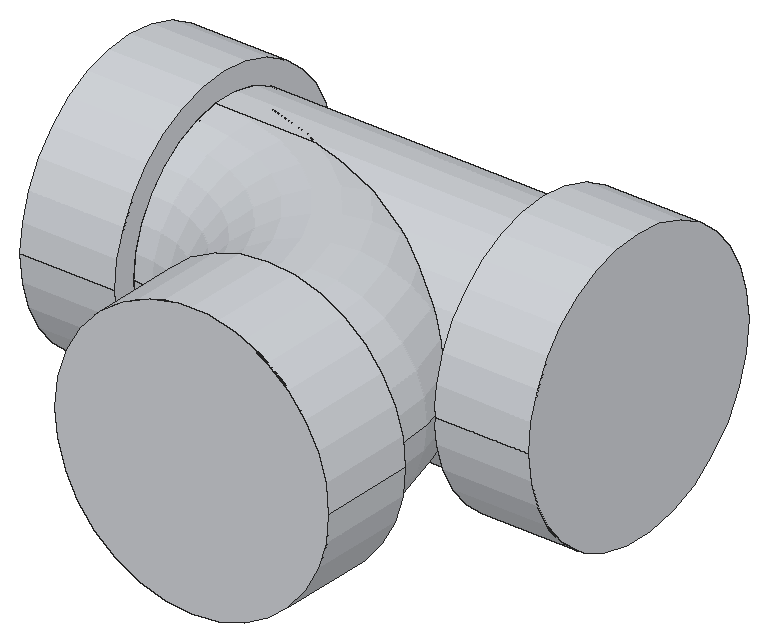
Revit family "M_T de esgoto - PVC - Sch 40 - DWV", category Conexões de tubo, Revit 2019
Family settings
  Cota do conector redondo = Usar raio
  Tipo de parte = Tê
  Número OmniClass = 23.60.30.11.14
  Título OmniClass = Pipework Fittings
  ID de item do Seek = Tee Sanitary - PVC - Sch 40 - DWV-0000-CAN-ENU
  Com base no plano de trabalho = Não
  Sempre na vertical = Sim
  Corte com vazios quando carregada = Não
  Compartilhado = Não
Parameters (values of type "Padrão")
  Espessura da parede [instance] = size_lookup(Nome da tabela de pesquisa, "WThk", 0.02 * Diâmetro nominal + 3.274 mm, Diâmetro nominal)  # 3.962 mm
  Tamanho da marca de revisão [instance] = Diâmetro externo da conexão * 0.4  # 16.866 mm
  Raio externo do soquete [instance] = Diâmetro externo do soquete / 2  # 25.235 mm
  Diâmetro externo do soquete [instance] = Diâmetro da entrada do soquete + Espessura da parede * 2  # 50.47 mm
  Diâmetro da entrada do soquete [instance] = size_lookup(Nome da tabela de pesquisa, "SED", 1.04 * Diâmetro nominal + 9.426 mm, Diâmetro nominal)  # 42.545 mm
  Profundidade do soquete [instance] = size_lookup(Nome da tabela de pesquisa, "SDpt", 0.5 * Diâmetro nominal, Diâmetro nominal)  # 17.45 mm
  Execução do inferior do soquete até o inferior do soquete [instance] = size_lookup(Nome da tabela de pesquisa, "SBtSBR", 1.21 * Diâmetro nominal + 27.98 mm, Diâmetro nominal)  # 58.75 mm
  Raio 2 [instance] = if(Comprimento 11 = Profundidade do soquete, Diâmetro externo do soquete / 2, Raio externo da conexão)  # 25.235 mm
  Raio 1 [instance] = if(Comprimento 11 = Profundidade do soquete, Raio externo do soquete, Raio externo da conexão)  # 25.235 mm
  Raio nominal [instance] = 16 mm
  Diâmetro nominal [instance] = Raio nominal * 2  # 32 mm
  Método de perda = Não definido
  Nome da tabela de pesquisa = "M_Tee Sanitary - PVC - Sch 40 - DWV"
  Comprimento 9 [instance] = if(Comprimento 8 > Raio externo do soquete, 0 mm, Comprimento 11)  # 0 mm
  Comprimento 8 [instance] = Comprimento 3 - Raio externo do soquete * cos(Ângulo)  # 39.7 mm
  Comprimento 7 [instance] = Comprimento 2 - 4572 mm + Raio externo do soquete * sin(Ângulo) + Comprimento 9 * cos(Ângulo)  # 64.935 mm
  Comprimento 6 [instance] = Comprimento 1 + Profundidade do soquete  # 4648.2 mm
  Comprimento 5 [instance] = Raio do centro * (1 - cos(Ângulo)) + (Profundidade do soquete + Comprimento 9) * sin(Ângulo)  # 57.15 mm
  Comprimento 4 [instance] = Raio do centro * sin(Ângulo) + (Profundidade do soquete + Comprimento 9) * cos(Ângulo) + 4572 mm  # 4611.7 mm
  Comprimento 12 [instance] = if(Comprimento 8 > Raio externo do soquete, Profundidade do soquete, if((Raio externo do soquete * (1 + cos(Ângulo)) - Comprimento 3) / sin(Ângulo) > 3.175 mm, (Raio externo do soquete * (1 + cos(Ângulo)) - Comprimento 3) / sin(Ângulo), 3.175 mm) + Profundidade do soquete)  # 17.45 mm
  Comprimento 11 [instance] = if(Comprimento 8 > Raio externo do soquete, Profundidade do soquete, if((Raio externo do soquete * (1 + cos(Ângulo)) - Comprimento 3) / sin(Ângulo) > 3.175 mm, (Raio externo do soquete * (1 + cos(Ângulo)) - Comprimento 3) / sin(Ângulo), 3.175 mm))  # 17.45 mm
  Comprimento 3 [instance] = Raio do centro * (1 - cos(Ângulo))  # 39.7 mm
  Comprimento 2 [instance] = Raio do centro * sin(Ângulo) + 4572 mm  # 4611.7 mm
  Comprimento 10 [instance] = if(Raio externo do soquete > Raio externo da conexão, Raio externo do soquete, Raio externo da conexão)  # 25.235 mm
  Comprimento 1 [instance] = 4572 mm + if(and(Raio do centro * sin(Ângulo) > Raio externo do soquete, Ângulo = 90.00°), Execução do inferior do soquete até o inferior do soquete, if(Execução do inferior do soquete até o inferior do soquete > Comprimento 7, Execução do inferior do soquete até o inferior do soquete, Comprimento 7))  # 4630.75 mm
  Raio externo da conexão [instance] = Diâmetro externo da conexão / 2  # 21.082 mm
  Diâmetro externo da conexão [instance] = size_lookup(Nome da tabela de pesquisa, "FOD", 1.04 * Diâmetro nominal + 9.128 mm, Diâmetro nominal)  # 42.164 mm
  Centro para inferior do soquete [instance] = size_lookup(Nome da tabela de pesquisa, "CtSB", 0.66 * Diâmetro nominal + 23.614 mm, Diâmetro nominal)  # 39.7 mm
  Centro para legenda inferior do soquete [instance] = if(Centro para inferior do soquete / tan(Ângulo / 2) > Comprimento 10, Centro para inferior do soquete, Comprimento 10 * tan(Ângulo / 2) + 3.175 mm)  # 39.7 mm
  Raio do centro [instance] = Centro para legenda inferior do soquete / tan(Ângulo / 2)  # 39.7 mm
  Ângulo [instance] = 90.00°
Reference planes
  plane 1 "Centro (Frente/Trás)": y = 0
  plane 2: z = 0
  plane 3 "Centro (Esquerda/Direita)": x = 0
  plane 4: x = -39.7
  plane 5: x = -4611.7
  plane 6: x = 19.05
  plane 7: y = -39.7
  plane 8: x = 0
  plane 9: x = 0
  plane 10: y = -57.15
  plane 11: x = 36.5
  plane 12: x = -57.15
  plane 13: y = -39.7
Forms (mm)
  Sweep 1, solid, detail levels fine
    path in 3D
      loop
        line (19.05, 0, 0) -> (36.5, 0, 0)
    profile origin (27.775, 0, 0) x (0, 1, 0) y (0, 0, 1)
      loop
        circle (0, 0) r 25.235
  Sweep 2, solid, detail levels fine
    path origin (0, 0, 0) x (1, 0, 0) y (0, 1, 0)
      loop
        line (0, -57.15) -> (0, -39.7)
    profile origin (0, -48.425, 0) x (-1, 0, 0) y (0, 0, 1)
      loop
        circle (0, 0) r 25.235
  Sweep 3, solid, detail levels fine
    path in 3D
      loop
        line (-57.15, 0, 0) -> (-39.7, 0, 0)
    profile origin (-48.425, 0, 0) x (0, 1, 0) y (0, 0, 1)
      loop
        circle (0, 0) r 25.235
  Sweep 4, solid, detail levels fine
    path in 3D
      loop
        line (-39.7, 0, 0) -> (19.05, 0, 0)
    profile origin (-10.325, 0, 0) x (0, 1, 0) y (0, 0, 1)
      loop
        circle (0, 0) r 21.082
  Sweep 5, solid, detail levels fine
    path in 3D
      loop
        arc (-39.7, 0, 0) -> (-11.628, -11.628, 0) -> (0, -39.7, 0) r 39.7
    profile origin (-11.628, -11.628, 0) x (0.707107, 0.707107, 0) y (0, 0, 1)
      loop
        circle (0, 0) r 21.082
  Sweep 6, solid, detail levels fine
    path in 3D
      loop
        line (0, -57.15, 0) -> (0, -39.7, 0)
    profile origin (0, -48.425, 0) x (-1, 0, 0) y (0, 0, 1)
      loop
        circle (0, 0) r 21.082
Cuts and joins
  joined: Sweep 1, Sweep 3, Sweep 4
  joined: Sweep 2, Sweep 5, Sweep 6
Lines and regions (mm)
  model lines, detail levels coarse+medium
    curve 1: line (19.05, 0, 0) -> (36.5, 0, 0)
    curve 6: line (-57.15, 16.866, 0) -> (-57.15, 0, 0)
    curve 7: line (-57.15, -16.866, 0) -> (-57.15, 0, 0)
    curve 8: line (36.5, 16.866, 0) -> (36.5, 0, 0)
    curve 9: line (36.5, -16.866, 0) -> (36.5, 0, 0)
    curve 10: line (-39.7, 0, 0) -> (19.05, 0, 0)
    curve 11: line (-57.15, 0, 0) -> (-39.7, 0, 0)
    curve 14: arc (-39.7, 0, 0) -> (-11.628, -11.628, 0) -> (0, -39.7, 0) r 39.7
    curve 15: line (0, -57.15, 0) -> (0, -39.7, 0)
    curve 18: line (0, -57.15, 0) -> (16.866, -57.15, 0)
    curve 19: line (0, -57.15, 0) -> (-16.866, -57.15, 0)
  sketch lines
    curve 2: line (19.05, 0, 0) -> (36.5, 0, 0)
    curve 12: line (-57.15, 0, 0) -> (-39.7, 0, 0)
    curve 13: line (-39.7, 0, 0) -> (19.05, 0, 0)
    curve 16: arc (-39.7, 0, 0) -> (-11.628, -11.628, 0) -> (0, -39.7, 0) r 39.7
    curve 17: line (0, -57.15, 0) -> (0, -39.7, 0)
  reference lines
    curve 3: line (0, -57.15, 0) -> (0, -39.7, 0)
    curve 4: line (-57.15, 0, 0) -> (-39.7, 0, 0)
    curve 5: line (36.5, 0, 0) -> (19.05, 0, 0)
Dimensions and locks
  "Centro para legenda inferior do soquete": plane 4 to plane 3 "Centro (Esquerda/Direita)"
  locked: plane 5 to plane 4 at 4572
  "Comprimento 1": plane 5 to plane 6
  "Comprimento 3": plane 7 to plane 1 "Centro (Frente/Trás)"
  "Comprimento 5": plane 10 to plane 1 "Centro (Frente/Trás)"
  "Comprimento 2": plane 5 to plane 8
  "Comprimento 4": plane 5 to plane 9
  "Comprimento 6": plane 5 to plane 11
  "Profundidade do soquete": plane 12 to plane 4
  "Raio do centro": plane 1 "Centro (Frente/Trás)" to plane 13
  "Tamanho da marca de revisão": curve 6 to curve 6
  "Tamanho da marca de revisão": curve 7 to curve 7
  "Tamanho da marca de revisão": curve 8 to curve 8
  "Tamanho da marca de revisão": curve 9 to curve 9
  "Profundidade do soquete": Sweep 2 sketch curve to Sweep 2 sketch curve
  "Comprimento 12": curve 15 to curve 15
  "Tamanho da marca de revisão": curve 18 to curve 18
  "Tamanho da marca de revisão": curve 19 to curve 19
  "Raio externo do soquete": radius of Sweep 1 sketch curve
  "Raio externo do soquete": radius of Sweep 2 sketch curve
  "Raio externo do soquete": radius of Sweep 3 sketch curve
  "Raio externo da conexão": radius of Sweep 4 sketch curve
  "Raio externo da conexão": radius of Sweep 5 sketch curve
  "Raio externo da conexão": radius of Sweep 6 sketch curve
  "Ângulo": angle curve 3 to plane 10
  "Ângulo": angle Sweep 2 sketch curve to plane 10
  "Ângulo": angle curve 14 to curve 14
  "Ângulo": angle curve 15 to plane 10
  locked: curve 18 to curve 15 (angle 90.00°)
  locked: curve 15 to curve 19 (angle 90.00°)
  aligned and locked: plane 11 to curve 1
  aligned and locked: plane 1 "Centro (Frente/Trás)" to curve 1
  aligned and locked: plane 9 to curve 3
  aligned and locked: plane 10 to curve 3
  aligned and locked: plane 12 to curve 4
  aligned and locked: plane 1 "Centro (Frente/Trás)" to curve 4
  aligned and locked: plane 11 to curve 5
  aligned and locked: curve 5 to plane 1 "Centro (Frente/Trás)"
  aligned and locked: curve 6 to plane 12
  aligned and locked: plane 12 to curve 7
  aligned and locked: plane 1 "Centro (Frente/Trás)" to curve 8
  aligned and locked: curve 8 to plane 11
  aligned and locked: plane 11 to curve 9
  aligned and locked: plane 10 to Sweep 2 sketch curve
  aligned and locked: plane 9 to Sweep 2 sketch curve
  aligned and locked: plane 4 to curve 10
  aligned and locked: plane 6 to curve 10
  aligned and locked: plane 1 "Centro (Frente/Trás)" to curve 10
  aligned and locked: plane 12 to curve 11
  aligned and locked: plane 1 "Centro (Frente/Trás)" to curve 11
  aligned and locked: plane 9 to curve 15
  aligned and locked: plane 10 to curve 19
Automatic sketch dimensions
  curve 4 to plane 4 = 0 mm
  curve 5 to plane 6 = 0 mm
  Sweep 1 sketch curve to profile plane = 0 mm  (x2)
  Sweep 2 sketch curve to level = 0 mm
  Sweep 2 sketch curve to profile plane = 0 mm
  Sweep 3 sketch curve to profile plane = 0 mm  (x2)
  Sweep 4 sketch curve to profile plane = 0 mm  (x2)
  Sweep 5 sketch curve to profile plane = 0 mm  (x2)
  Sweep 6 sketch curve to profile plane = 0 mm  (x2)
Connectors
  piping at (-57.15, 0, 0), diameter 32, driven by "Raio nominal"
    settings: on cut or joined group of Sweep 1, Sweep 3, Sweep 4, index 1, connector inside diameter 32 mm, connector length 0 mm, flow factor 0, pipe flow 0.0 L/s, pressure drop 0.0 Pa, fitting loss kfactor 0, connector angle 0.00°, fixture units 0, engagement length 0 mm, angle of deflection 0.00°, flow configuration 0, flow direction 0, fitting loss method 0, system type 28, joint type 0, gender type 0, connector reference index 2, connector utility 0, adjustable connector no, is connector primary yes, connector description ""
  piping at (36.5, 0, 0), diameter 32, driven by "Raio nominal"
    settings: on cut or joined group of Sweep 1, Sweep 3, Sweep 4, index 2, connector inside diameter 32 mm, connector length 0 mm, flow factor 0, pipe flow 0.0 L/s, pressure drop 0.0 Pa, fitting loss kfactor 0, connector angle 0.00°, fixture units 0, engagement length 0 mm, angle of deflection 0.00°, flow configuration 0, flow direction 0, fitting loss method 0, system type 28, joint type 0, gender type 0, connector reference index 1, connector utility 0, adjustable connector no, is connector primary no, connector description ""
  piping at (0, -57.15, 0), diameter 32, driven by "Raio nominal", driven by "Ângulo"
    settings: on cut or joined group of Sweep 2, Sweep 5, Sweep 6, index 3, connector inside diameter 32 mm, connector length 0 mm, flow factor 0, pipe flow 0.0 L/s, pressure drop 0.0 Pa, fitting loss kfactor 0, connector angle 90.00°, fixture units 0, engagement length 0 mm, angle of deflection 0.00°, flow configuration 0, flow direction 0, fitting loss method 0, system type 28, joint type 0, gender type 0, connector reference index -1, connector utility 0, adjustable connector no, is connector primary no, connector description ""
